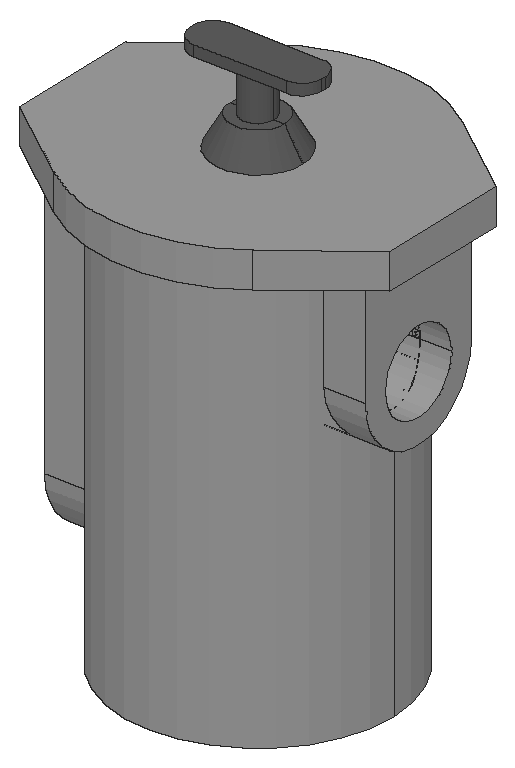
Revit family "Interceptor-Solids-Zurn-Z1180", category Plumbing Fixtures, Revit 2022
Family settings
  Round Connector Dimension = Use Radius
  Part Type = Normal
  OmniClass Number = 23.45.30.00
  OmniClass Title = Washing and Waste Disposal Equipment
  Work Plane-Based = No
  Always vertical = Yes
  Cut with Voids When Loaded = No
  Maintain Annotation Orientation = No
  Shared = No
  Room Calculation Point = No
Parameters (values of type "Z1180-1-1/2" Inlet/outlet")
  Waste Connection = 1 = 1  # yes
  WFU = 0
  Vent Connection = 1 = 0  # no
  URL = "http://www.zurn.com/"
  Type Comments = ""
  Product data url = "https://www.bimobject.com/en-in/zurnindustries/product/zurn-z1180"
  Product Page URL = "https://www.zurn.com/products/drainage-interceptors/interceptors/oils-and-solids-interceptor/z1180"
  Product Installation Sheet URL = "https://files.zurn.com/care-cleaning-install-warranty-sheets/it59-(1).pdf"
  Product Documentation Link = "https://files.zurn.com/spec-sheets/z1180.pdf"
  Outlet Size = 1.500"
  Outlet Outer Diameter = 1.900"
  Manufacturer Brand = "Zurn Water, LLC"  # constant formula
  Main Material = Polyester- Zurn - Glass-fibre reinforced- Grey
  Handle Material = ABS - Zurn - Acrylonitrile Butadiene Styrene - Black
  HWFU = 1  # constant formula
  Date Created = "03/04/2016"  # constant formula
  Connector Radius = Outlet Size / 2  # 0.750"
  CWFU = 1  # constant formula
  Modified Date = "07/14/2025"  # constant formula
  Model = "Z1180"  # constant formula
  Manufacturer = "Zurn"  # constant formula
  HW Connection = 1 = 0  # no
  Flow = 15 GPM
  Description = "Z1180 Solids interceptor"  # constant formula
  Default Elevation = 15.000"  # constant formula
  CW Connection = 1 = 0  # no
  Assembly Code = "D2090300"
  Approx. Weight (Lbs) = "6"
Types (2): name | Outlet Size | Outlet Outer Diameter | Connector Radius
  Z1180-2" Inlet/outlet | 2.000" | 2.375" | 1.000"
  Z1180-1-1/2" Inlet/outlet | 1.500" | 1.900" | 0.750"
Reference planes (in)
  plane 1 "Center (Front/Back)": y = 18.92982
  plane 2: z = 0
  plane 3 "Center (Left/Right)": x = 0
  plane 4 "top": z = 10.5625
  plane 5: z = 9.75
  plane 6: x = -4.21875
  plane 7: x = 4.21875
  plane 8: y = 22.67982
  plane 9: y = 15.17982
  plane 10: y = 20.42982
  plane 11: y = 17.42982
  plane 12 "inlet": z = 3.25
  plane 13 "outlet": z = 7.25
  plane 14: x = -3.65625
  plane 15: x = 3.65625
  plane 16: z = 12.25
  plane 17: z = 11.25
  plane 18: z = 12.5
  plane 19: x = -1.5
  plane 20: x = 1.5
  plane 21: y = 19.42982
  plane 22: y = 18.42982
  plane 23: x = -3.09375
  plane 24: x = 3.09375
  plane 25: z = 4.2
  plane 26: z = 2.3
  plane 27: z = 8.2
  plane 28: z = 6.3
  plane 29: y = 19.87982
  plane 30: y = 17.97982
  plane 31: y = 22.02357
  plane 32: y = 15.83607
Forms (in)
  Extrusion 1, solid, material "Polyester- Zurn - Glass-fibre reinforced- Grey" <- "Main Material", detail levels fine
    sketch origin (0, 0, 0) x (1, 0, 0) y (0, 1, 0)
      loop
        circle (0, 18.92982) r 3.09375
    from 0 to 9.75
  Extrusion 2, solid, material "Polyester- Zurn - Glass-fibre reinforced- Grey" <- "Main Material", detail levels fine
    sketch origin (0, 0, 0) x (1, 0, 0) y (0, 1, 0)
      loop
        line (-4.21875, 20.42982) -> (-4.21875, 17.42982) -> (-2.27279, 15.94705)
        arc (-2.27279, 15.94705) -> (0, 15.17982) -> (2.27279, 15.94705) r 3.75
        line (2.27279, 15.94705) -> (4.21875, 17.42982) -> (4.21875, 20.42982) -> (2.27279, 21.91258)
        arc (2.27279, 21.91258) -> (0, 22.67982) -> (-2.27279, 21.91258) r 3.75
        line (-2.27279, 21.91258) -> (-4.21875, 20.42982)
    from 9.75 to 10.5625
  Extrusion 3, solid, material "Polyester- Zurn - Glass-fibre reinforced- Grey" <- "Main Material", detail levels fine
    sketch origin (0, 0, 0) x (0, 1, 0) y (0, 0, 1)
      loop
        line (20.42982, 9.75) -> (17.42982, 9.75) -> (17.42982, 3.25)
        arc (17.42982, 3.25) -> (18.92982, 1.75) -> (20.42982, 3.25) r 1.5
        line (20.42982, 3.25) -> (20.42982, 9.75)
    from -3.65625 to 0
  Extrusion 4, solid, material "Polyester- Zurn - Glass-fibre reinforced- Grey" <- "Main Material", detail levels fine
    sketch origin (0, 0, 0) x (0, 1, 0) y (0, 0, 1)
      loop
        arc (17.42982, 7.25) -> (18.92982, 5.75) -> (20.42982, 7.25) r 1.5
        line (20.42982, 7.25) -> (20.42982, 9.75) -> (17.42982, 9.75) -> (17.42982, 7.25)
    from 0 to 3.65625
  Extrusion 5, void
    sketch origin (0, 0, 0) x (0, -1, 0) y (0, 0, 1)
      loop
        circle (-18.92982, 3.25) r 0.95
    from 0 to 3.65625
  Extrusion 6, void
    sketch origin (0, 0, 0) x (0, 1, 0) y (0, 0, 1)
      loop
        circle (18.92982, 7.25) r 0.95
    from 0 to 3.65625
  Extrusion 7, solid, material "ABS - Zurn - Acrylonitrile Butadiene Styrene - Black" <- "Handle Material", detail levels fine
    sketch origin (0, 0, 0) x (1, 0, 0) y (0, 1, 0)
      loop
        arc (-1.0625, 19.42982) -> (-1.37186, 19.30167) -> (-1.5, 18.99232) r 0.4375
        line (-1.5, 18.99232) -> (-1.5, 18.86732)
        arc (-1.5, 18.86732) -> (-1.37186, 18.55796) -> (-1.0625, 18.42982) r 0.4375
        line (-1.0625, 18.42982) -> (1.0625, 18.42982)
        arc (1.0625, 18.42982) -> (1.37186, 18.55796) -> (1.5, 18.86732) r 0.4375
        line (1.5, 18.86732) -> (1.5, 18.99232)
        arc (1.5, 18.99232) -> (1.37186, 19.30167) -> (1.0625, 19.42982) r 0.4375
        line (1.0625, 19.42982) -> (-1.0625, 19.42982)
    from 12.25 to 12.5
  Revolve 8, solid, material "ABS - Zurn - Acrylonitrile Butadiene Styrene - Black" <- "Handle Material", detail levels fine
    sketch origin (0, 18.92982, 0) x (1, 0, 0) y (0, 0, 1)
      loop
        line (0, 12.25) -> (0, 10.5625) -> (1.02193, 10.5625) -> (0.625, 11.25) -> (0.375, 11.25) -> (0.375, 12.25) -> (0, 12.25)
      axis (0, 12.25) -> (0, 10.5625)
    angle from 0 to 360
Cuts and joins
  Extrusion 5, Extrusion 6 cuts Extrusion 1
  Extrusion 5, Extrusion 6 cuts Extrusion 3
  Extrusion 6 cuts Extrusion 4
Lines and regions (in)
  Masking region 1, not visible
    outline origin (0, 0, 10.5625) x (-1, 0, 0) y (0, -1, 0)
      loop
        line (2.27279, -21.91258) -> (4.21875, -20.42982) -> (4.21875, -17.42982) -> (2.27279, -15.94705)
        arc (2.27279, -15.94705) -> (0, -15.17982) -> (-2.27279, -15.94705) r 3.75
        line (-2.27279, -15.94705) -> (-4.21875, -17.42982) -> (-4.21875, -20.42982) -> (-2.27279, -21.91258)
        arc (-2.27279, -21.91258) -> (0, -22.67982) -> (2.27279, -21.91258) r 3.75
  model lines, detail levels coarse+medium
    curve 1: line (-1.5, 18.92982, 12.5) -> (1.5, 18.92982, 12.5)
    curve 2: line (0, 18.92982, 12.5) -> (0, 18.92982, 0)
    curve 3: circle (0, 18.92982, 0) r 3.09375 normal (0, 0, 1)
    curve 4: line (3.65625, 18.92982, 8.2) -> (3.65625, 18.92982, 6.3)
    curve 5: line (-3.65625, 18.92982, 4.2) -> (-3.65625, 18.92982, 2.3)
    curve 6: line (3.65625, 18.92982, 7.25) -> (0, 18.92982, 7.25)
    curve 7: line (-3.65625, 18.92982, 3.25) -> (0, 18.92982, 3.25)
    curve 8: line (-3.65625, 19.87982, 3.25) -> (-3.65625, 17.97982, 3.25)
    curve 9: line (3.65625, 19.87982, 7.25) -> (3.65625, 17.97982, 7.25)
    curve 22: arc (2.27279, 21.91258, 10.5625) -> (0, 22.67982, 10.5625) -> (-2.27279, 21.91258, 10.5625) r 3.75
    curve 23: line (-2.27279, 21.91258, 10.5625) -> (-4.21875, 20.42982, 10.5625)
    curve 24: line (-4.21875, 20.42982, 10.5625) -> (-4.21875, 17.42982, 10.5625)
    curve 25: line (4.21875, 20.42982, 10.5625) -> (2.27279, 21.91258, 10.5625)
    curve 26: line (4.21875, 17.42982, 10.5625) -> (4.21875, 20.42982, 10.5625)
    curve 27: line (2.27279, 15.94705, 10.5625) -> (4.21875, 17.42982, 10.5625)
    curve 28: arc (-2.27279, 15.94705, 10.5625) -> (0, 15.17982, 10.5625) -> (2.27279, 15.94705, 10.5625) r 3.75
    curve 29: line (-4.21875, 17.42982, 10.5625) -> (-2.27279, 15.94705, 10.5625)
    curve 30: line (-4.21875, 20.42982, 10.5625) -> (-4.21875, 17.42982, 10.5625)
    curve 31: line (-4.21875, 20.42982, 10.5625) -> (-4.21875, 17.42982, 10.5625)
  symbolic lines, detail levels coarse+medium
    curve 10: line (-1.5, 18.92982, 12.5) -> (1.5, 18.92982, 12.5)
    curve 11: line (0, 18.92982, 12.5) -> (0, 18.92982, 0)
    curve 12: line (-3.09375, 18.92982, 0) -> (3.09375, 18.92982, 0)
    curve 13: line (-4.21875, 18.92982, 10.5625) -> (4.21875, 18.92982, 10.5625)
    curve 14: line (3.65625, 18.92982, 8.2) -> (3.65625, 18.92982, 6.3)
    curve 15: line (-3.65625, 18.92982, 4.2) -> (-3.65625, 18.92982, 2.3)
    curve 16: line (-3.65625, 18.92982, 3.25) -> (0, 18.92982, 3.25)
    curve 17: line (3.65625, 18.92982, 7.25) -> (0, 18.92982, 7.25)
    curve 18: line (0, 18.92982, 12.5) -> (0, 18.92982, 0)
    curve 19: line (0, 22.67982, 10.5625) -> (0, 15.17982, 10.5625)
    curve 20: line (0, 19.42982, 12.5) -> (0, 18.42982, 12.5)
    curve 21: line (0, 22.02357, 0) -> (0, 15.83607, 0)
    curve 32: line (-2.27279, 21.91258, 10.5625) -> (-4.21875, 20.42982, 10.5625)
    curve 33: arc (2.27279, 21.91258, 10.5625) -> (0, 22.67982, 10.5625) -> (-2.27279, 21.91258, 10.5625) r 3.75
    curve 34: line (4.21875, 20.42982, 10.5625) -> (2.27279, 21.91258, 10.5625)
    curve 35: line (4.21875, 17.42982, 10.5625) -> (4.21875, 20.42982, 10.5625)
    curve 36: line (2.27279, 15.94705, 10.5625) -> (4.21875, 17.42982, 10.5625)
    curve 37: arc (-2.27279, 15.94705, 10.5625) -> (0, 15.17982, 10.5625) -> (2.27279, 15.94705, 10.5625) r 3.75
    curve 38: line (-4.21875, 17.42982, 10.5625) -> (-2.27279, 15.94705, 10.5625)
    curve 39: line (-4.21875, 20.42982, 10.5625) -> (-4.21875, 17.42982, 10.5625)
Dimensions and locks (in)
  locked: plane 4 "top" to level at 10.5625
  locked: plane 4 "top" to plane 5 at 0.8125
  equal spacing: plane 6, plane 3 "Center (Left/Right)", plane 7
  locked: plane 6 to plane 7 at 8.4375
  equal spacing: plane 9, plane 1 "Center (Front/Back)", plane 8
  locked: plane 8 to plane 9 at 7.5
  equal spacing: plane 10, plane 1 "Center (Front/Back)", plane 11
  locked: plane 10 to plane 11 at 3
  locked: plane 12 "inlet" to level at 3.25
  locked: plane 13 "outlet" to level at 7.25
  equal spacing: plane 14, plane 3 "Center (Left/Right)", plane 15
  locked: plane 14 to plane 15 at 7.3125
  locked: plane 16 to plane 17 at 1
  locked: plane 16 to plane 4 "top" at 1.6875
  plane 18 to level = 12.500"
  equal spacing: plane 19, plane 3 "Center (Left/Right)", plane 20
  locked: plane 19 to plane 20 at 3
  plane 21 to plane 1 "Center (Front/Back)" to plane 22 = 0.500" locked, 0.500" locked
  locked: Extrusion 7 sketch curve to plane 20 at 0.4375  (x2)
  locked: plane 21 to Extrusion 7 sketch curve at 0.4375  (x2)
  locked: Extrusion 7 sketch curve to plane 22 at 0.4375  (x2)
  locked: plane 19 to Extrusion 7 sketch curve at 0.4375  (x2)
  locked: Revolve 8 sketch curve to plane 3 "Center (Left/Right)" at 0.375
  locked: Revolve 8 sketch curve to plane 3 "Center (Left/Right)" at 0.625
  locked: plane 23 to plane 24 at 6.1875
  equal spacing: plane 23, plane 3 "Center (Left/Right)", plane 24
  equal spacing: plane 25, plane 12 "inlet", plane 26
  "Outlet Outer Diameter": plane 25 to plane 26
  equal spacing: plane 27, plane 13 "outlet", plane 28
  "Outlet Outer Diameter": plane 27 to plane 28
  equal spacing: plane 30, plane 1 "Center (Front/Back)", plane 29
  "Outlet Outer Diameter": plane 30 to plane 29
  locked: plane 31 to plane 32 at 6.1875
  equal spacing: plane 31, plane 1 "Center (Front/Back)", plane 32
  diameter of Extrusion 1 sketch curve = 6.1875"
  radius of Extrusion 2 sketch curve = 3.750"
  radius of Extrusion 3 sketch curve = 1.500"
  radius of Extrusion 4 sketch curve = 1.500"
  "Outlet Outer Diameter": diameter of Extrusion 5 sketch curve
  "Outlet Outer Diameter": diameter of Extrusion 6 sketch curve
  diameter of curve 3 = 6.1875"
  angle Revolve 8 sketch curve to Revolve 8 sketch curve = 120.00°
  aligned and locked: plane 5 to Extrusion 1
  aligned and locked: plane 10 to Extrusion 2 sketch curve  (x2)
  aligned and locked: plane 11 to Extrusion 2 sketch curve  (x2)
  aligned and locked: Extrusion 2 sketch curve to plane 6
  aligned and locked: plane 7 to Extrusion 2 sketch curve
  aligned and locked: plane 3 "Center (Left/Right)" to Extrusion 2 sketch curve  (x2)
  aligned and locked: plane 1 "Center (Front/Back)" to Extrusion 2 sketch curve  (x2)
  aligned and locked: Extrusion 3 sketch curve to plane 5
  aligned and locked: plane 12 "inlet" to Extrusion 3 sketch curve  (x3)
  aligned and locked: Extrusion 3 sketch curve to plane 10
  aligned and locked: plane 3 "Center (Left/Right)" to Extrusion 3
  aligned and locked: plane 11 to Extrusion 4 sketch curve
  aligned and locked: Extrusion 4 sketch curve to plane 10
  aligned and locked: Extrusion 4 sketch curve to plane 5
  aligned and locked: plane 13 "outlet" to Extrusion 4 sketch curve
  aligned and locked: plane 1 "Center (Front/Back)" to Extrusion 4 sketch curve
  aligned and locked: Extrusion 4 to plane 3 "Center (Left/Right)"
  aligned and locked: plane 1 "Center (Front/Back)" to Extrusion 5 sketch curve
  aligned and locked: plane 12 "inlet" to Extrusion 5 sketch curve
  aligned and locked: plane 3 "Center (Left/Right)" to Extrusion 5
  aligned and locked: Extrusion 3 to plane 14
  aligned and locked: plane 15 to Extrusion 4
  aligned and locked: cut or joined group of Extrusion 3, Extrusion 5, Extrusion 6 to Extrusion 5
  aligned and locked: plane 1 "Center (Front/Back)" to Extrusion 6 sketch curve
  aligned and locked: plane 13 "outlet" to Extrusion 6 sketch curve
  aligned and locked: Extrusion 6 to plane 3 "Center (Left/Right)"
  aligned and locked: Extrusion 4 to Extrusion 6
  aligned and locked: cut or joined group of Extrusion 3, Extrusion 5, Extrusion 6 to plane 11
  aligned and locked: plane 10 to cut or joined group of Extrusion 3, Extrusion 5, Extrusion 6
  aligned and locked: plane 1 "Center (Front/Back)" to Extrusion 1 sketch curve
  aligned and locked: plane 3 "Center (Left/Right)" to Extrusion 1 sketch curve
  aligned and locked: Extrusion 1 to level
  aligned and locked: Extrusion 7 sketch curve to plane 21
  aligned and locked: plane 19 to Extrusion 7 sketch curve
  aligned and locked: plane 22 to Extrusion 7 sketch curve
  aligned and locked: Extrusion 7 sketch curve to plane 20
  aligned and locked: plane 18 to Extrusion 7
  aligned and locked: Extrusion 7 to Revolve 8 sketch curve
  aligned and locked: Revolve 8 sketch curve to plane 3 "Center (Left/Right)"  (x2)
  aligned and locked: plane 16 to Revolve 8 sketch curve
  aligned and locked: plane 17 to Revolve 8 sketch curve
  aligned and locked: plane 19 to curve 1
  aligned and locked: plane 20 to curve 1
  aligned and locked: curve 1 to plane 18
  aligned and locked: plane 18 to curve 2
  aligned and locked: level to curve 2
  aligned and locked: curve 2 to plane 3 "Center (Left/Right)"
  aligned and locked: plane 1 "Center (Front/Back)" to curve 1
  aligned and locked: plane 3 "Center (Left/Right)" to curve 3
  aligned and locked: plane 1 "Center (Front/Back)" to curve 3
  aligned and locked: plane 25 to curve 5
  aligned and locked: plane 26 to curve 5
  aligned and locked: plane 27 to curve 4
  aligned and locked: plane 28 to curve 4
  aligned and locked: curve 5 to plane 14
  aligned and locked: curve 4 to plane 15
  aligned and locked: plane 13 "outlet" to curve 6
  aligned and locked: plane 15 to curve 6
  aligned and locked: plane 14 to curve 7
  aligned and locked: curve 7 to plane 12 "inlet"
  aligned and locked: plane 29 to curve 8
  aligned and locked: plane 30 to curve 8
  aligned and locked: curve 8 to plane 14
  aligned and locked: plane 29 to curve 9
  aligned and locked: plane 30 to curve 9
  aligned and locked: curve 9 to plane 15
  aligned and locked: plane 25 to curve 15
  aligned and locked: plane 26 to curve 15
  aligned and locked: curve 15 to plane 14
  aligned and locked: curve 16 to plane 12 "inlet"
  aligned and locked: plane 23 to curve 12
  aligned and locked: plane 24 to curve 12
  aligned and locked: curve 12 to level
  aligned and locked: plane 27 to curve 14
  aligned and locked: plane 28 to curve 14
  aligned and locked: curve 14 to plane 15
  aligned and locked: plane 3 "Center (Left/Right)" to curve 17
  aligned and locked: curve 17 to curve 6
  aligned and locked: plane 6 to curve 13
  aligned and locked: plane 7 to curve 13
  aligned and locked: curve 13 to plane 4 "top"
  aligned and locked: plane 19 to curve 10
  aligned and locked: plane 20 to curve 10
  aligned and locked: curve 10 to plane 18
  aligned and locked: curve 11 to plane 3 "Center (Left/Right)"
  aligned and locked: plane 31 to curve 21
  aligned and locked: plane 32 to curve 21
  aligned and locked: curve 21 to level
  aligned and locked: level to curve 18
  aligned and locked: plane 18 to curve 18
  aligned and locked: curve 18 to plane 1 "Center (Front/Back)"
  aligned and locked: plane 21 to curve 20
  aligned and locked: plane 22 to curve 20
  aligned and locked: curve 20 to plane 18
  aligned and locked: plane 8 to curve 19
  aligned and locked: plane 9 to curve 19
  aligned and locked: curve 19 to plane 4 "top"
  aligned and locked: curve 26 to plane 7
  aligned and locked: curve 31 to plane 6
  aligned and locked: plane 1 "Center (Front/Back)" to curve 22
  aligned and locked: plane 1 "Center (Front/Back)" to curve 28
  aligned and locked: plane 11 to curve 31
  aligned and locked: plane 11 to curve 27
  aligned and locked: curve 27 to Extrusion 2
  aligned and locked: curve 29 to Extrusion 2
  aligned and locked: curve 28 to Extrusion 2
  aligned and locked: curve 23 to Extrusion 2
  aligned and locked: curve 25 to Extrusion 2
  aligned and locked: Masking region 1 sketch curve to Extrusion 2  (x8)
  aligned and locked: curve 32 to Extrusion 2
  aligned and locked: curve 33 to Extrusion 2
  aligned and locked: curve 34 to Extrusion 2
  aligned and locked: curve 35 to Extrusion 2
  aligned and locked: curve 36 to Extrusion 2
  aligned and locked: curve 37 to Extrusion 2
  aligned and locked: curve 38 to Extrusion 2
  aligned and locked: curve 39 to Extrusion 2
Automatic sketch dimensions
  Revolve 8 sketch curve to plane 4 "top" = 0.000"  (x2)
  Extrusion 2 sketch curve to plane 32 = 0.11098"
  curve 22 to plane 3 "Center (Left/Right)" = 0.000"
  curve 23 to plane 10 = 0.000"
  curve 26 to plane 10 = 0.000"
  plane 24 to curve 27 = 0.82096"
  plane 31 to curve 25 = 0.11098"
  plane 20 to curve 25 = 0.77279"
  plane 3 "Center (Left/Right)" to curve 28 = 0.000"
  curve 29 to plane 9 = 0.76723"
  curve 29 to plane 19 = 0.77279"
  plane 31 to curve 23 = 0.11098"
  plane 31 to Masking region 1 sketch curve = 0.11098"
  Masking region 1 sketch curve to plane 32 = 0.11098"  (x2)
  curve 22 to curve 33 = 0.000"
  curve 22 to curve 37 = 0.000"
Connectors (in)
  piping at (-3.65625, 18.92982, 3.25), diameter 1.5, driven by "Connector Radius", driven by "Waste Connection"
    settings: on cut or joined group of Extrusion 3, Extrusion 5, Extrusion 6, index 1, connector inside diameter 24", connector length 0.000", flow factor 0, pipe flow 0 GPM, pressure drop 0.00 psi, fitting loss kfactor 0, connector angle 0.00°, fixture units 0, engagement length 0.000", angle of deflection 0.00°, flow configuration 0, flow direction 1, fitting loss method 0, system type 16, joint type 0, gender type 0, connector reference index -1, connector utility 1, adjustable connector no, is connector primary yes, connector description "Sanitary Inlet"
  piping at (3.65625, 18.92982, 7.25), diameter 1.5, driven by "Connector Radius", driven by "Waste Connection"
    settings: on cut or joined group of Extrusion 4, Extrusion 6, index 2, connector inside diameter 24", connector length 0.000", flow factor 0, pipe flow 0 GPM, pressure drop 0.00 psi, fitting loss kfactor 0, connector angle 0.00°, fixture units 0, engagement length 0.000", angle of deflection 0.00°, flow configuration 0, flow direction 2, fitting loss method 0, system type 16, joint type 0, gender type 0, connector reference index -1, connector utility 1, adjustable connector no, is connector primary no, connector description "Sanitary Outlet"
